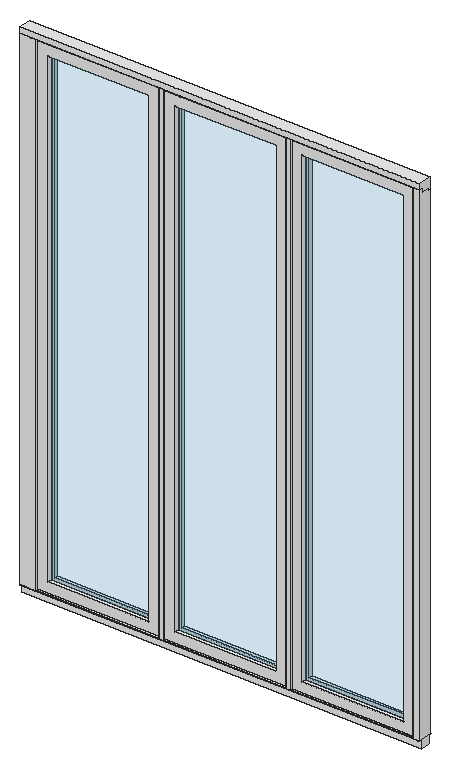
Revit family "Window-NanaWall-SL-73", category Windows, host Wall, Revit 2013 (continued)
Definition of nested family "Left-Jamb_SL-73"
  Definition of nested family "LeftJamb_SL73"
    Lines and regions (in)
      model lines, style "DetailComponents", in view "Ref. Level"
        curve 768: line (-0.83654, 0.75539, 0) -> (-0.7874, 0.74222, 0)
        curve 769: line (-0.7874, 0.74222, 0) -> (-0.7874, 0.59517, 0)
        curve 770: line (-0.27559, 1.17692, 0) -> (-0.7874, 1.17692, 0)
        curve 771: line (-0.7874, 1.17692, 0) -> (-0.7874, 1.03912, 0)
        curve 772: line (-0.7874, 1.03912, 0) -> (-0.82677, 1.03912, 0)
        curve 773: line (-0.82677, 1.03912, 0) -> (-0.84646, 1.17692, 0)
        curve 774: line (-0.84646, 1.17692, 0) -> (-0.98031, 1.17692, 0)
        curve 775: line (-0.98031, 1.17692, 0) -> (-0.98031, 0.67692, 0)
        curve 776: line (-0.98031, 0.67692, 0) -> (-0.84646, 0.67692, 0)
        curve 777: line (-0.84646, 0.67692, 0) -> (-0.84646, 0.74778, 0)
        curve 778: line (-0.09072, 0.96038, 0) -> (-0.40551, 0.96038, 0)
        curve 779: line (-0.46457, 0.90133, 0) -> (-0.46457, 0.82259, 0)
        curve 780: line (-0.41732, 0.81471, 0) -> (-0.37795, 0.81471, 0)
        curve 781: line (-0.37795, 0.81471, 0) -> (-0.37795, 0.77534, 0)
        curve 782: line (-0.37795, 0.77534, 0) -> (-0.41732, 0.77534, 0)
        curve 783: line (-0.41732, 0.77534, 0) -> (-0.37795, 0.77534, 0)
        curve 784: line (-0.37795, 0.77534, 0) -> (-0.37795, 0.81471, 0)
        curve 785: line (-0.37795, 0.81471, 0) -> (-0.41732, 0.81471, 0)
        curve 786: line (-0.41732, 0.81471, 0) -> (-0.41732, 0.89345, 0)
        curve 787: line (-0.41732, 0.89345, 0) -> (-0.05906, 0.89345, 0)
        curve 788: line (-0.05906, 0.89345, 0) -> (-0.05906, 0.81471, 0)
        curve 789: line (-0.05906, 0.81471, 0) -> (-0.09843, 0.81471, 0)
        curve 790: line (-0.09843, 0.81471, 0) -> (-0.09843, 0.77534, 0)
        curve 791: line (-0.09843, 0.77534, 0) -> (0, 0.77534, 0)
        curve 792: line (0, 0.77534, 0) -> (0, 0.97219, 0)
        curve 793: line (-0.27559, 1.24778, 0) -> (-1.7126, 1.24778, 0)
        curve 794: line (-1.66346, 1.0512, 0) -> (-1.7126, 1.06437, 0)
        curve 795: line (-1.65354, 0.74778, 0) -> (-1.65354, 0.67692, 0)
        curve 796: line (-1.65354, 0.67692, 0) -> (-1.51969, 0.67692, 0)
        curve 797: line (-1.51969, 0.67692, 0) -> (-1.51969, 1.17692, 0)
        curve 798: line (-1.51969, 1.17692, 0) -> (-1.65354, 1.17692, 0)
        curve 799: line (-1.65354, 1.17692, 0) -> (-1.65354, 1.05881, 0)
        curve 800: line (-1.7126, 0.59517, 0) -> (-1.7126, 0.74222, 0)
        curve 801: line (-1.7126, 0.74222, 0) -> (-1.66346, 0.75539, 0)
        curve 802: line (-1.71158, 0.57859, 0) -> (-1.72014, 0.48075, 0)
        curve 803: line (-1.72014, 0.48075, 0) -> (-1.71013, 0.46677, 0)
        curve 804: line (-1.67517, 0.42101, 0) -> (-1.6673, 0.42101, 0)
        curve 805: line (-1.6673, 0.42101, 0) -> (-1.6673, 0.47771, 0)
        curve 806: line (-1.65855, 0.48911, 0) -> (-1.60345, 0.50388, 0)
        curve 807: line (-1.60943, 0.5183, 0) -> (-1.62206, 0.54018, 0)
        curve 808: line (-1.48115, 0.59818, 0) -> (-1.46063, 0.59818, 0)
        curve 809: line (-1.46063, 0.59818, 0) -> (-1.46063, 0.56865, 0)
        curve 810: line (-1.46199, 0.56629, 0) -> (-1.49132, 0.5155, 0)
        curve 811: line (-1.49132, 0.49975, 0) -> (-1.44882, 0.49975, 0)
        curve 812: line (-1.38189, 0.56668, 0) -> (-1.38189, 0.59818, 0)
        curve 813: line (-1.38189, 0.59818, 0) -> (-1.11811, 0.59818, 0)
        curve 814: line (-1.11811, 0.59818, 0) -> (-1.11811, 0.56668, 0)
        curve 815: line (-1.45276, 0.67692, 0) -> (-1.04724, 0.67692, 0)
        curve 816: line (-1.04724, 0.67692, 0) -> (-1.04724, 1.17692, 0)
        curve 817: line (-1.04724, 1.17692, 0) -> (-1.45276, 1.17692, 0)
        curve 818: line (-1.45276, 1.17692, 0) -> (-1.45276, 0.67692, 0)
        curve 819: line (-0.83654, -0.50392, 0) -> (-0.7874, -0.49075, 0)
        curve 820: line (-0.7874, -0.49075, 0) -> (-0.7874, -0.3437, 0)
        curve 821: line (-1.7126, -0.3437, 0) -> (-1.7126, -0.38607, 0)
        curve 822: line (-1.60943, -0.26683, 0) -> (-1.62206, -0.2887, 0)
        curve 823: line (-1.65855, -0.23764, 0) -> (-1.60345, -0.2524, 0)
        curve 824: line (-1.67517, -0.16954, 0) -> (-1.6673, -0.16954, 0)
        curve 825: line (-1.6673, -0.16954, 0) -> (-1.6673, -0.22623, 0)
        curve 826: line (-1.71158, -0.32712, 0) -> (-1.71786, -0.22303, 0)
        curve 827: line (-1.71786, -0.22303, 0) -> (-1.71013, -0.21529, 0)
        curve 828: line (-1.67323, -0.42544, 0) -> (-1.51969, -0.42544, 0)
        curve 829: line (-1.51969, -0.42544, 0) -> (-1.51969, -0.68135, 0)
        curve 830: line (-1.51969, -0.68135, 0) -> (-1.7874, -0.68135, 0)
        curve 831: line (-2.00394, -0.70103, 0) -> (-2.00394, -0.72072, 0)
        curve 832: line (-2.00394, -0.72072, 0) -> (-2.04331, -0.72072, 0)
        curve 833: line (-2.04331, -0.72072, 0) -> (-2.04331, -0.8782, 0)
        curve 834: line (-2.04331, -0.8782, 0) -> (-1.76772, -0.8782, 0)
        curve 835: line (-1.76772, -0.8782, 0) -> (-1.76772, -0.72072, 0)
        curve 836: line (-1.76772, -0.72072, 0) -> (-1.80709, -0.72072, 0)
        curve 837: line (-1.80709, -0.72072, 0) -> (-1.80709, -0.70103, 0)
        curve 838: line (-2.02362, -0.68135, 0) -> (-2.07087, -0.68135, 0)
        curve 839: line (-2.11024, -0.72072, 0) -> (-2.11024, -0.8782, 0)
        curve 840: line (-2.11024, -0.8782, 0) -> (-2.25619, -0.8782, 0)
        curve 841: line (-2.25401, -1.01573, 0) -> (-2.30315, -1.00256, 0)
        curve 842: line (-2.30315, -1.00256, 0) -> (-2.29541, -0.91414, 0)
        curve 843: line (-2.24409, -1.31915, 0) -> (-2.24409, -1.43726, 0)
        curve 844: line (-2.24409, -1.43726, 0) -> (-2.11024, -1.43726, 0)
        curve 845: line (-2.11024, -1.43726, 0) -> (-2.11024, -0.93726, 0)
        curve 846: line (-2.11024, -0.93726, 0) -> (-2.24409, -0.93726, 0)
        curve 847: line (-2.24409, -0.93726, 0) -> (-2.24409, -1.00812, 0)
        curve 848: line (-2.30315, -1.32471, 0) -> (-2.25401, -1.31154, 0)
        curve 849: line (-2.30315, -1.50812, 0) -> (-0.7874, -1.50812, 0)
        curve 850: line (-0.7874, -1.50812, 0) -> (-0.7874, -1.36646, 0)
        curve 851: line (-0.7874, -1.36646, 0) -> (-0.84646, -1.35064, 0)
        curve 852: line (-0.84646, -1.35064, 0) -> (-0.84646, -1.42938, 0)
        curve 853: line (-0.84646, -1.42938, 0) -> (-0.98425, -1.42938, 0)
        curve 854: line (-0.98425, -1.42938, 0) -> (-0.98425, -0.8782, 0)
        curve 855: line (-0.98425, -0.8782, 0) -> (-0.84646, -0.8782, 0)
        curve 856: line (-0.84646, -0.8782, 0) -> (-0.84646, -0.95694, 0)
        curve 857: line (-0.84646, -0.95694, 0) -> (-0.7874, -0.94112, 0)
        curve 858: line (-0.7874, -0.94112, 0) -> (-0.7874, -0.75384, 0)
        curve 859: line (-0.7874, -0.75384, 0) -> (-0.83654, -0.74067, 0)
        curve 860: line (-0.84646, -0.49631, 0) -> (-0.84646, -0.42544, 0)
        curve 861: line (-0.84646, -0.42544, 0) -> (-0.98031, -0.42544, 0)
        curve 862: line (-0.98031, -0.42544, 0) -> (-0.98031, -0.81915, 0)
        curve 863: line (-0.98031, -0.81915, 0) -> (-0.84646, -0.81915, 0)
        curve 864: line (-0.84646, -0.81915, 0) -> (-0.84646, -0.74828, 0)
        curve 865: line (-0.78842, -0.32712, 0) -> (-0.77986, -0.22928, 0)
        curve 866: line (-0.77986, -0.22928, 0) -> (-0.78987, -0.21529, 0)
        curve 867: line (-0.82483, -0.16954, 0) -> (-0.8327, -0.16954, 0)
        curve 868: line (-0.8327, -0.16954, 0) -> (-0.8327, -0.22623, 0)
        curve 869: line (-0.84145, -0.23764, 0) -> (-0.89655, -0.2524, 0)
        curve 870: line (-0.89057, -0.26683, 0) -> (-0.87794, -0.2887, 0)
        curve 871: line (-1.01885, -0.3467, 0) -> (-1.03937, -0.3467, 0)
        curve 872: line (-1.03937, -0.3467, 0) -> (-1.03937, -0.31718, 0)
        curve 873: line (-1.03801, -0.31481, 0) -> (-1.00868, -0.26403, 0)
        curve 874: line (-1.00868, -0.24828, 0) -> (-1.05118, -0.24828, 0)
        curve 875: line (-1.11811, -0.31521, 0) -> (-1.11811, -0.3467, 0)
        curve 876: line (-1.11811, -0.3467, 0) -> (-1.38189, -0.3467, 0)
        curve 877: line (-1.38189, -0.3467, 0) -> (-1.38189, -0.31521, 0)
        curve 878: line (-1.49132, -0.24828, 0) -> (-1.44882, -0.24828, 0)
        curve 879: line (-1.64961, -0.3467, 0) -> (-1.61501, -0.3467, 0)
        curve 880: line (-1.61501, -0.3467, 0) -> (-1.48115, -0.3467, 0)
        curve 881: line (-1.48115, -0.3467, 0) -> (-1.46063, -0.3467, 0)
        curve 882: line (-1.46063, -0.3467, 0) -> (-1.46063, -0.31718, 0)
        curve 883: line (-1.46199, -0.31481, 0) -> (-1.49132, -0.26403, 0)
        curve 884: line (-1.76772, -0.94513, 0) -> (-2.04331, -0.94513, 0)
        curve 885: line (-2.04331, -0.94513, 0) -> (-2.04331, -1.43726, 0)
        curve 886: line (-2.04331, -1.43726, 0) -> (-1.51969, -1.43726, 0)
        curve 887: line (-1.51969, -1.43726, 0) -> (-1.51969, -1.39789, 0)
        curve 888: line (-1.51969, -0.74828, 0) -> (-1.70079, -0.74828, 0)
        curve 889: line (-1.70079, -0.74828, 0) -> (-1.70079, -0.8782, 0)
        curve 890: line (-1.48031, -1.35852, 0) -> (-1.45276, -1.35852, 0)
        curve 891: line (-1.45276, -1.35852, 0) -> (-1.45276, -1.43726, 0)
        curve 892: line (-1.45276, -1.43726, 0) -> (-1.04724, -1.43726, 0)
        curve 893: line (-1.04724, -1.43726, 0) -> (-1.04724, -0.42544, 0)
        curve 894: line (-1.04724, -0.42544, 0) -> (-1.45276, -0.42544, 0)
        curve 895: line (-1.45276, -0.42544, 0) -> (-1.45276, -0.68135, 0)
        curve 896: line (0, 0.77534, 0) -> (-0.09843, 0.77534, 0)
        curve 897: line (-0.09843, 0.77534, 0) -> (-0.09843, 0.81471, 0)
        curve 898: line (-0.09843, 0.81471, 0) -> (-0.05906, 0.81471, 0)
        curve 899: line (-0.68898, 0.5786, 0) -> (-0.68898, -0.08281, 0)
        curve 900: line (-0.68898, 0.67112, 0) -> (-0.7874, -0.67112, 0)
        curve 901: line (-0.7874, -0.67112, 0) -> (-0.7874, 0.67112, 0)
        curve 902: line (-0.7874, 0.67112, 0) -> (-0.68898, 0.67112, 0)
        curve 903: line (-0.68898, 0.67112, 0) -> (-0.68898, -0.67112, 0)
        curve 904: line (-0.68898, -0.67112, 0) -> (-0.7874, 0.67112, 0)
        curve 905: line (-0.7874, -0.67112, 0) -> (-0.68898, -0.67112, 0)
        curve 906: line (-0.58525, 0.543, 0) -> (-0.53153, 0.59671, 0)
        curve 907: line (-0.51032, 0.59671, 0) -> (-0.45661, 0.543, 0)
        curve 908: line (-0.43539, 0.543, 0) -> (-0.38168, 0.59671, 0)
        curve 909: line (-0.36047, 0.59671, 0) -> (-0.30676, 0.543, 0)
        curve 910: line (-0.28554, 0.543, 0) -> (-0.23183, 0.59671, 0)
        curve 911: line (-0.21062, 0.59671, 0) -> (-0.1569, 0.543, 0)
        curve 912: line (-0.13569, 0.543, 0) -> (-0.08198, 0.59671, 0)
        curve 913: line (-0.06076, 0.59671, 0) -> (-0.00705, 0.543, 0)
        curve 914: line (0.01416, 0.543, 0) -> (0.06788, 0.59671, 0)
        curve 915: line (0.08909, 0.59671, 0) -> (0.1578, 0.528, 0)
        curve 916: line (0.18281, 0.54281, 0) -> (0.09369, 0.85361, 0)
        curve 917: line (0.06485, 0.87534, 0) -> (0.005, 0.87534, 0)
        curve 918: line (0.005, 0.87534, 0) -> (0.005, 0.77534, 0)
        curve 919: line (0.005, 0.77534, 0) -> (-0.10843, 0.77534, 0)
        curve 920: line (-0.10843, 0.77534, 0) -> (-0.10843, 0.82471, 0)
        curve 921: line (-0.10843, 0.82471, 0) -> (-0.08343, 0.82471, 0)
        curve 922: line (-0.07524, 0.84044, 0) -> (-0.10885, 0.88845, 0)
        curve 923: line (-0.10885, 0.88845, 0) -> (-0.15346, 0.88845, 0)
        curve 924: line (-0.15346, 0.88845, 0) -> (-0.18183, 0.78257, 0)
        curve 925: line (-0.21081, 0.76034, 0) -> (-0.26557, 0.76034, 0)
        curve 926: line (-0.29455, 0.78257, 0) -> (-0.32292, 0.88845, 0)
        curve 927: line (-0.32292, 0.88845, 0) -> (-0.36753, 0.88845, 0)
        curve 928: line (-0.36753, 0.88845, 0) -> (-0.40115, 0.84044, 0)
        curve 929: line (-0.39295, 0.82471, 0) -> (-0.36795, 0.82471, 0)
        curve 930: line (-0.36795, 0.82471, 0) -> (-0.36795, 0.77534, 0)
        curve 931: line (-0.36795, 0.77534, 0) -> (-0.48457, 0.77534, 0)
        curve 932: line (-0.48457, 0.77534, 0) -> (-0.48457, 0.86534, 0)
        curve 933: line (-0.48457, 0.86534, 0) -> (-0.66457, 0.86534, 0)
        curve 934: line (-0.66457, 0.86534, 0) -> (-0.66457, 0.6011, 0)
        curve 935: line (-0.66457, 0.6011, 0) -> (-0.60646, 0.543, 0)
        curve 936: line (-0.16535, -0.72935, 0) -> (-0.14424, -0.60962, 0)
        curve 937: line (-0.08995, -0.61919, 0) -> (-0.11107, -0.73892, 0)
        curve 938: line (0.10384, -0.62843, 0) -> (0.05425, -0.90968, 0)
        curve 939: line (0.05425, -0.90968, 0) -> (-0.0003, -0.94118, 0)
        curve 940: line (-0.0003, -0.94118, 0) -> (-0.0003, -0.86244, 0)
        curve 941: line (-0.0003, -0.86244, 0) -> (-0.09873, -0.86244, 0)
        curve 942: line (-0.09873, -0.86244, 0) -> (-0.09873, -0.89393, 0)
        curve 943: line (-0.09873, -0.89393, 0) -> (-0.56781, -0.64619, 0)
        curve 944: line (-0.53839, -0.59049, 0) -> (-0.2225, -0.75732, 0)
        curve 945: line (-0.07904, -0.86491, 0) -> (-0.03967, -0.86491, 0)
        curve 946: line (-0.03967, -0.86491, 0) -> (-0.07904, -0.86491, 0)
        curve 947: line (-0.30345, -0.86491, 0) -> (-0.27589, -0.86491, 0)
        curve 948: line (-0.27589, -0.86491, 0) -> (-0.30345, -0.86491, 0)
        curve 949: line (-0.29558, -0.98302, 0) -> (-0.05936, -0.98302, 0)
        curve 950: line (-0.05936, -0.98302, 0) -> (-0.05936, -0.90428, 0)
        curve 951: line (-0.05936, -0.90428, 0) -> (-0.09872, -0.90428, 0)
        curve 952: line (-0.09872, -0.90428, 0) -> (-0.09872, -0.88459, 0)
        curve 953: line (-0.09872, -0.88459, 0) -> (-0.09872, -0.90428, 0)
        curve 954: line (-0.09872, -0.90428, 0) -> (-0.05936, -0.90428, 0)
        curve 955: line (-0.05936, -0.90428, 0) -> (-0.05936, -0.98302, 0)
        curve 956: line (-0.05936, -0.98302, 0) -> (-0.29558, -0.98302, 0)
        curve 957: line (-0.29558, -0.98302, 0) -> (-0.29558, -0.90428, 0)
        curve 958: line (-0.29558, -0.90428, 0) -> (-0.25621, -0.90428, 0)
        curve 959: line (-0.25621, -0.90428, 0) -> (-0.25621, -0.88459, 0)
        curve 960: line (-0.25621, -0.88459, 0) -> (-0.25621, -0.90428, 0)
        curve 961: line (-0.25621, -0.90428, 0) -> (-0.29558, -0.90428, 0)
        curve 962: line (-0.29558, -0.90428, 0) -> (-0.29558, -0.98302, 0)
        curve 963: line (-0.81875, -1.2013, 0) -> (-0.7874, -1.2013, 0)
        curve 964: line (-0.7874, -1.2013, 0) -> (-0.81875, -1.2013, 0)
        curve 965: line (-0.7874, -1.27217, 0) -> (-0.79921, -1.27217, 0)
        curve 966: line (-0.79921, -1.27217, 0) -> (-0.7874, -1.27217, 0)
        curve 967: line (-0.83858, -1.31154, 0) -> (-0.85466, -1.31154, 0)
        curve 968: line (-0.85466, -1.31154, 0) -> (-0.83858, -1.31154, 0)
        curve 969: line (-0.06723, -1.42938, 0) -> (-0.67717, -1.42938, 0)
        curve 970: line (-0.67717, -1.42938, 0) -> (-0.06723, -1.42938, 0)
        curve 971: line (-0.06723, -1.42938, 0) -> (-0.06723, -1.02239, 0)
        curve 972: line (-0.06723, -1.02239, 0) -> (-0.30345, -1.02239, 0)
        curve 973: line (-0.30345, -1.02239, 0) -> (-0.06723, -1.02239, 0)
        curve 974: line (-0.06723, -1.02239, 0) -> (-0.06723, -1.42938, 0)
        curve 975: line (-0.93441, -0.88461, 0) -> (-0.89566, -0.87754, 0)
        curve 976: line (-0.89566, -0.87754, 0) -> (-0.93441, -0.88461, 0)
        curve 977: line (-0.88717, -0.92401, 0) -> (-0.91043, -0.92826, 0)
        curve 978: line (-0.91043, -0.92826, 0) -> (-0.83811, -1.18516, 0)
        curve 979: line (-0.83811, -1.18516, 0) -> (-0.91043, -0.92826, 0)
        curve 980: line (-0.91043, -0.92826, 0) -> (-0.88717, -0.92401, 0)
        curve 981: line (-0.0003, -0.90428, 0) -> (-0.0003, -1.50812, 0)
        curve 982: line (-0.0003, -1.50812, 0) -> (-0.7874, -1.50812, 0)
        curve 983: line (-0.7874, -1.50812, 0) -> (-0.7874, -1.47269, 0)
        curve 984: line (-0.7874, -1.47269, 0) -> (-0.7874, -1.50812, 0)
        curve 985: line (-0.7874, -1.50812, 0) -> (-0.0003, -1.50812, 0)
        curve 986: line (-0.0003, -1.50812, 0) -> (-0.0003, -0.90428, 0)
        curve 987: line (-0.76772, -1.453, 0) -> (-0.76772, -1.29186, 0)
        curve 988: line (-0.76772, -1.29186, 0) -> (-0.76772, -1.453, 0)
        curve 989: line (-0.69685, -1.29186, 0) -> (-0.69685, -1.4097, 0)
        curve 990: line (-0.69685, -1.4097, 0) -> (-0.69685, -1.29186, 0)
        curve 991: line (-0.34282, -0.98302, 0) -> (-0.34282, -0.90428, 0)
        curve 992: line (-0.34282, -0.90428, 0) -> (-0.34282, -0.98302, 0)
        curve 993: line (-0.87399, -1.29541, 0) -> (-0.95476, -0.99232, 0)
        curve 994: line (-0.95476, -0.99232, 0) -> (-0.87399, -1.29541, 0)
        curve 995: arc (-0.93441, -0.88461, 0) -> (-0.95974, -0.90098, 0) -> (-0.96606, -0.93047, 0) r 0.03937
        curve 996: arc (-0.96606, -0.93047, 0) -> (-0.96718, -0.93616, 0) -> (-0.9719, -0.93953, 0) r 0.00787
        curve 997: arc (-2.5189, -0.43332, 0) -> (-2.49929, -0.38599, 0) -> (-2.45197, -0.36639, 0) r 0.06693
        curve 998: arc (-2.52677, 0.55881, 0) -> (-2.50371, 0.61449, 0) -> (-2.44803, 0.63755, 0) r 0.07874
        curve 999: arc (-2.48031, 0.4407, 0) -> (-2.47455, 0.45462, 0) -> (-2.46063, 0.46038, 0) r 0.01969
        curve 1000: arc (-2.00787, 1.06437, 0) -> (-2.01378, 1.15608, 0) -> (-2.00787, 1.24778, 0) r 0.71502
        curve 1001: arc (-2.26772, 1.0479, 0) -> (-2.27624, 1.03169, 0) -> (-2.29443, 1.02952, 0) r 0.01969
        curve 1002: arc (-2.05702, 1.0512, 0) -> (-2.06385, 1.05256, 0) -> (-2.06693, 1.05881, 0) r 0.00787
        curve 1003: arc (-2.42126, 0.99367, 0) -> (-2.41404, 1.0164, 0) -> (-2.39501, 1.03079, 0) r 0.03937
        curve 1004: arc (-2.39501, 1.03079, 0) -> (-2.34461, 1.03911, 0) -> (-2.29443, 1.02952, 0) r 0.14567
        curve 1005: arc (-2.01561, 0.6538, 0) -> (-2.02823, 0.62821, 0) -> (-2.05483, 0.61786, 0) r 0.03937
        curve 1006: arc (-2.28015, 0.93215, 0) -> (-2.26969, 0.89345, 0) -> (-2.28015, 0.85476, 0) r 0.07677
        curve 1007: arc (-2.29443, 0.75739, 0) -> (-2.27624, 0.75522, 0) -> (-2.26772, 0.739, 0) r 0.01969
        curve 1008: arc (-2.06693, 0.74778, 0) -> (-2.06385, 0.75403, 0) -> (-2.05702, 0.75539, 0) r 0.00787
        curve 1009: arc (-2.30776, 0.82715, 0) -> (-2.34646, 0.81668, 0) -> (-2.38515, 0.82715, 0) r 0.07677
        curve 1010: arc (-2.41058, 0.85622, 0) -> (-2.38593, 0.85213, 0) -> (-2.38515, 0.82715, 0) r 0.01969
        curve 1011: arc (-2.38515, 0.95976, 0) -> (-2.34646, 0.97023, 0) -> (-2.30776, 0.95976, 0) r 0.07677
        curve 1012: arc (-2.38515, 0.95976, 0) -> (-2.38593, 0.93478, 0) -> (-2.41058, 0.93069, 0) r 0.01969
        curve 1013: arc (-2.39501, 0.75612, 0) -> (-2.41404, 0.7705, 0) -> (-2.42126, 0.79323, 0) r 0.03937
        curve 1014: arc (-2.30776, 0.82715, 0) -> (-2.30609, 0.85309, 0) -> (-2.28015, 0.85476, 0) r 0.01969
        curve 1015: arc (-2.28015, 0.93215, 0) -> (-2.30609, 0.93382, 0) -> (-2.30776, 0.95976, 0) r 0.01969
        curve 1016: arc (-2.29443, 0.75739, 0) -> (-2.34461, 0.7478, 0) -> (-2.39501, 0.75612, 0) r 0.14567
        curve 1017: arc (-2.27283, 0.55881, 0) -> (-2.26727, 0.5565, 0) -> (-2.26496, 0.55093, 0) r 0.00787
        curve 1018: arc (-2.19192, 0.50251, 0) -> (-2.20704, 0.53178, 0) -> (-2.18819, 0.55881, 0) r 0.03189
        curve 1019: arc (-2.25118, 0.55881, 0) -> (-2.25482, 0.54362, 0) -> (-2.26496, 0.53175, 0) r 0.03346
        curve 1020: arc (-2.43228, 0.55093, 0) -> (-2.42998, 0.5565, 0) -> (-2.42441, 0.55881, 0) r 0.00787
        curve 1021: arc (-2.40947, 0.47613, 0) -> (-2.4016, 0.46826, 0) -> (-2.40947, 0.46038, 0) r 0.00787
        curve 1022: arc (-2.27874, 0.32786, 0) -> (-2.26433, 0.31345, 0) -> (-2.25906, 0.29377, 0) r 0.03937
        curve 1023: arc (-2.19803, 0.36764, 0) -> (-2.19083, 0.36043, 0) -> (-2.18819, 0.35059, 0) r 0.01969
        curve 1024: arc (-2.18676, 0.44352, 0) -> (-2.18955, 0.4368, 0) -> (-2.19664, 0.43522, 0) r 0.00787
        curve 1025: arc (-2.36831, 0.37957, 0) -> (-2.38272, 0.39398, 0) -> (-2.38799, 0.41367, 0) r 0.03937
        curve 1026: arc (-2.29941, 0.42617, 0) -> (-2.30661, 0.43338, 0) -> (-2.30925, 0.44322, 0) r 0.01969
        curve 1027: arc (-2.48031, 0.41708, 0) -> (-2.48377, 0.40872, 0) -> (-2.49213, 0.40526, 0) r 0.01181
        curve 1028: arc (-2.00787, -0.52387, 0) -> (-2.01364, -0.53779, 0) -> (-2.02756, -0.54355, 0) r 0.01969
        curve 1029: arc (-2.02756, -0.4845, 0) -> (-2.01364, -0.49026, 0) -> (-2.00787, -0.50418, 0) r 0.01969
        curve 1030: arc (-2.40947, -0.36639, 0) -> (-2.4016, -0.37426, 0) -> (-2.40947, -0.38214, 0) r 0.00787
        curve 1031: arc (-2.30239, -0.37085, 0) -> (-2.29919, -0.36742, 0) -> (-2.29461, -0.36642, 0) r 0.00787
        curve 1032: arc (-2.25906, -0.19977, 0) -> (-2.26433, -0.21946, 0) -> (-2.27874, -0.23387, 0) r 0.03937
        curve 1033: arc (-2.18819, -0.2566, 0) -> (-2.19083, -0.26644, 0) -> (-2.19803, -0.27365, 0) r 0.01969
        curve 1034: arc (-2.38799, -0.31968, 0) -> (-2.38272, -0.29999, 0) -> (-2.36831, -0.28558, 0) r 0.03937
        curve 1035: arc (-2.30925, -0.34922, 0) -> (-2.30661, -0.33938, 0) -> (-2.29941, -0.33218, 0) r 0.01969
        curve 1036: arc (-2.26496, -0.45694, 0) -> (-2.26727, -0.46251, 0) -> (-2.27283, -0.46481, 0) r 0.00787
        curve 1037: arc (-2.26397, -0.42009, 0) -> (-2.27049, -0.41508, 0) -> (-2.2755, -0.40856, 0) r 0.0315
        curve 1038: arc (-2.26397, -0.42009, 0) -> (-2.24853, -0.43987, 0) -> (-2.25118, -0.46481, 0) r 0.03346
        curve 1039: arc (-2.18819, -0.46481, 0) -> (-2.1997, -0.45566, 0) -> (-2.19336, -0.44238, 0) r 0.01181
        curve 1040: arc (-2.19538, -0.3751, 0) -> (-2.19003, -0.37788, 0) -> (-2.18822, -0.38363, 0) r 0.00787
        curve 1041: arc (-2.42441, -0.46481, 0) -> (-2.42998, -0.46251, 0) -> (-2.43228, -0.45694, 0) r 0.00787
        curve 1042: arc (-3.72047, 0.46038, 0) -> (-3.70655, 0.45462, 0) -> (-3.70079, 0.4407, 0) r 0.01969
        curve 1043: arc (-3.40252, 0.40526, 0) -> (-3.09055, 0.55881, 0) -> (-2.77858, 0.40526, 0) r 0.3937
        curve 1044: arc (-3.43913, 0.484, 0) -> (-3.09055, 0.63755, 0) -> (-2.74198, 0.484, 0) r 0.47244
        curve 1045: arc (-3.88667, 1.02952, 0) -> (-3.83649, 1.03911, 0) -> (-3.78609, 1.03079, 0) r 0.14567
        curve 1046: arc (-3.88667, 1.02952, 0) -> (-3.90486, 1.03169, 0) -> (-3.91339, 1.0479, 0) r 0.01969
        curve 1047: arc (-3.78609, 1.03079, 0) -> (-3.76707, 1.0164, 0) -> (-3.75984, 0.99367, 0) r 0.03937
        curve 1048: arc (-4.17323, 1.24778, 0) -> (-4.16732, 1.15608, 0) -> (-4.17323, 1.06437, 0) r 0.71502
        curve 1049: arc (-4.11417, 1.05881, 0) -> (-4.11725, 1.05256, 0) -> (-4.12409, 1.0512, 0) r 0.00787
        curve 1050: arc (-3.99291, 0.55881, 0) -> (-3.97406, 0.53179, 0) -> (-3.98917, 0.50251, 0) r 0.03189
        curve 1051: arc (-3.79595, 0.82715, 0) -> (-3.83465, 0.81668, 0) -> (-3.87334, 0.82715, 0) r 0.07677
        curve 1052: arc (-3.77052, 0.93069, 0) -> (-3.79518, 0.93478, 0) -> (-3.79595, 0.95976, 0) r 0.01969
        curve 1053: arc (-3.87334, 0.95976, 0) -> (-3.83465, 0.97023, 0) -> (-3.79595, 0.95976, 0) r 0.07677
        curve 1054: arc (-3.87334, 0.95976, 0) -> (-3.87501, 0.93382, 0) -> (-3.90095, 0.93215, 0) r 0.01969
        curve 1055: arc (-3.90095, 0.85476, 0) -> (-3.91142, 0.89345, 0) -> (-3.90095, 0.93215, 0) r 0.07677
        curve 1056: arc (-3.90095, 0.85476, 0) -> (-3.87501, 0.85309, 0) -> (-3.87334, 0.82715, 0) r 0.01969
        curve 1057: arc (-3.79595, 0.82715, 0) -> (-3.79518, 0.85213, 0) -> (-3.77052, 0.85622, 0) r 0.01969
        curve 1058: arc (-3.78609, 0.75612, 0) -> (-3.83649, 0.7478, 0) -> (-3.88667, 0.75739, 0) r 0.14567
        curve 1059: arc (-3.91339, 0.739, 0) -> (-3.90486, 0.75522, 0) -> (-3.88667, 0.75739, 0) r 0.01969
        curve 1060: arc (-3.75984, 0.79323, 0) -> (-3.76707, 0.7705, 0) -> (-3.78609, 0.75612, 0) r 0.03937
        curve 1061: arc (-3.75669, 0.55881, 0) -> (-3.75113, 0.5565, 0) -> (-3.74882, 0.55093, 0) r 0.00787
        curve 1062: arc (-3.73307, 0.63755, 0) -> (-3.67739, 0.61449, 0) -> (-3.65433, 0.55881, 0) r 0.07874
        curve 1063: arc (-3.91614, 0.55093, 0) -> (-3.91384, 0.5565, 0) -> (-3.90827, 0.55881, 0) r 0.00787
        curve 1064: arc (-3.77163, 0.46038, 0) -> (-3.7795, 0.46826, 0) -> (-3.77163, 0.47613, 0) r 0.00787
        curve 1065: arc (-3.91614, 0.53175, 0) -> (-3.92628, 0.54362, 0) -> (-3.92992, 0.55881, 0) r 0.03346
        curve 1066: arc (-4.12409, 0.75539, 0) -> (-4.11725, 0.75403, 0) -> (-4.11417, 0.74778, 0) r 0.00787
        curve 1067: arc (-4.12627, 0.61786, 0) -> (-4.15287, 0.62821, 0) -> (-4.16549, 0.6538, 0) r 0.03937
        curve 1068: arc (-3.68898, 0.40526, 0) -> (-3.69733, 0.40872, 0) -> (-3.70079, 0.41708, 0) r 0.01181
        curve 1069: arc (-3.79311, 0.41367, 0) -> (-3.79838, 0.39398, 0) -> (-3.8128, 0.37957, 0) r 0.03937
        curve 1070: arc (-3.87185, 0.44322, 0) -> (-3.87449, 0.43338, 0) -> (-3.88169, 0.42617, 0) r 0.01969
        curve 1071: arc (-3.92205, 0.29377, 0) -> (-3.91677, 0.31345, 0) -> (-3.90236, 0.32786, 0) r 0.03937
        curve 1072: arc (-3.99291, 0.35059, 0) -> (-3.99028, 0.36043, 0) -> (-3.98307, 0.36764, 0) r 0.01969
        curve 1073: arc (-3.98445, 0.43523, 0) -> (-3.99155, 0.4368, 0) -> (-3.99433, 0.44352, 0) r 0.00787
        curve 1074: arc (-3.72913, -0.36639, 0) -> (-3.68181, -0.38599, 0) -> (-3.6622, -0.43332, 0) r 0.06693
        curve 1075: arc (-3.77163, -0.38214, 0) -> (-3.7795, -0.37426, 0) -> (-3.77163, -0.36639, 0) r 0.00787
        curve 1076: arc (-3.88649, -0.36642, 0) -> (-3.88191, -0.36742, 0) -> (-3.87871, -0.37085, 0) r 0.00787
        curve 1077: arc (-3.8128, -0.28558, 0) -> (-3.79838, -0.29999, 0) -> (-3.79311, -0.31968, 0) r 0.03937
        curve 1078: arc (-3.90236, -0.23387, 0) -> (-3.91677, -0.21946, 0) -> (-3.92205, -0.19977, 0) r 0.03937
        curve 1079: arc (-3.88169, -0.33218, 0) -> (-3.87449, -0.33938, 0) -> (-3.87185, -0.34922, 0) r 0.01969
        curve 1080: arc (-3.74882, -0.45694, 0) -> (-3.75113, -0.46251, 0) -> (-3.75669, -0.46481, 0) r 0.00787
        curve 1081: arc (-3.92992, -0.46481, 0) -> (-3.93257, -0.43987, 0) -> (-3.91713, -0.42009, 0) r 0.03346
        curve 1082: arc (-3.90827, -0.46481, 0) -> (-3.91384, -0.46251, 0) -> (-3.91614, -0.45694, 0) r 0.00787
        curve 1083: arc (-3.90561, -0.40856, 0) -> (-3.91061, -0.41508, 0) -> (-3.91713, -0.42009, 0) r 0.0315
        curve 1084: arc (-3.98307, -0.27365, 0) -> (-3.99028, -0.26644, 0) -> (-3.99291, -0.2566, 0) r 0.01969
        curve 1085: arc (-3.99288, -0.38363, 0) -> (-3.99107, -0.37788, 0) -> (-3.98573, -0.3751, 0) r 0.00787
        curve 1086: arc (-3.98774, -0.44238, 0) -> (-3.9814, -0.45566, 0) -> (-3.99291, -0.46481, 0) r 0.01181
        curve 1087: arc (-4.48425, -0.68135, 0) -> (-4.47033, -0.68712, 0) -> (-4.46457, -0.70103, 0) r 0.01969
        curve 1088: arc (-2.85827, -0.92938, 0) -> (-2.84097, -0.88762, 0) -> (-2.79921, -0.87033, 0) r 0.05906
        curve 1089: arc (-2.84724, -0.67741, 0) -> (-2.86223, -0.7136, 0) -> (-2.89843, -0.72859, 0) r 0.05118
        curve 1090: arc (-2.64757, -1.01573, 0) -> (-2.6544, -1.01437, 0) -> (-2.65748, -1.00812, 0) r 0.00787
        curve 1091: arc (-2.59843, -1.50812, 0) -> (-2.60433, -1.41641, 0) -> (-2.59843, -1.32471, 0) r 0.71502
        curve 1092: arc (-2.65748, -1.31915, 0) -> (-2.6544, -1.3129, 0) -> (-2.64757, -1.31154, 0) r 0.00787
        curve 1093: arc (-3.92598, -0.68135, 0) -> (-3.94559, -0.72868, 0) -> (-3.99291, -0.74828, 0) r 0.06693
        curve 1094: arc (-3.74882, -0.72859, 0) -> (-3.78501, -0.7136, 0) -> (-3.8, -0.67741, 0) r 0.05118
        curve 1095: arc (-4.16142, -0.8782, 0) -> (-4.18102, -0.92553, 0) -> (-4.22835, -0.94513, 0) r 0.06693
        curve 1096: arc (-4.26772, -0.70103, 0) -> (-4.26195, -0.68712, 0) -> (-4.24803, -0.68135, 0) r 0.01969
        curve 1097: arc (-4.75604, -0.91414, 0) -> (-4.74342, -0.88854, 0) -> (-4.71682, -0.8782, 0) r 0.03937
        curve 1098: arc (-4.57087, -0.72072, 0) -> (-4.55933, -0.69288, 0) -> (-4.5315, -0.68135, 0) r 0.03937
        curve 1099: arc (-4.70472, -1.00812, 0) -> (-4.70781, -1.01437, 0) -> (-4.71464, -1.01573, 0) r 0.00787
        curve 1100: arc (-4.76378, -1.32471, 0) -> (-4.75787, -1.41641, 0) -> (-4.76378, -1.50812, 0) r 0.71502
        curve 1101: arc (-4.71464, -1.31154, 0) -> (-4.70781, -1.3129, 0) -> (-4.70472, -1.31915, 0) r 0.00787
        curve 1102: line (-3.99291, -0.46481, 0) -> (-3.99291, -0.68135, 0)
        curve 1103: line (-3.99291, -0.68135, 0) -> (-4.24803, -0.68135, 0)
        curve 1104: line (-3.8, -0.67741, 0) -> (-3.8, -0.54355, 0)
        curve 1105: line (-3.8, -0.54355, 0) -> (-3.92598, -0.54355, 0)
        curve 1106: line (-3.92598, -0.54355, 0) -> (-3.92598, -0.68135, 0)
        curve 1107: line (-2.64757, -1.01573, 0) -> (-2.59843, -1.00256, 0)
        curve 1108: line (-2.59843, -1.00256, 0) -> (-2.59843, -0.54355, 0)
        curve 1109: line (-2.59843, -0.54355, 0) -> (-2.02756, -0.54355, 0)
        curve 1110: line (-2.79921, -0.87033, 0) -> (-2.66535, -0.87033, 0)
        curve 1111: line (-2.66535, -0.87033, 0) -> (-2.66535, -0.54355, 0)
        curve 1112: line (-2.66535, -0.54355, 0) -> (-2.84724, -0.54355, 0)
        curve 1113: line (-2.84724, -0.54355, 0) -> (-2.84724, -0.67741, 0)
        curve 1114: line (-2.77858, 0.40526, 0) -> (-2.49213, 0.40526, 0)
        curve 1115: line (-2.00787, 1.24778, 0) -> (-4.17323, 1.24778, 0)
        curve 1116: line (-3.91339, 1.0479, 0) -> (-3.91339, 1.17692, 0)
        curve 1117: line (-3.91339, 1.17692, 0) -> (-2.26772, 1.17692, 0)
        curve 1118: line (-2.26772, 1.17692, 0) -> (-2.26772, 1.0479, 0)
        curve 1119: line (-2.18676, 0.44352, 0) -> (-2.19192, 0.50251, 0)
        curve 1120: line (-2.30303, 0.46373, 0) -> (-2.19664, 0.43522, 0)
        curve 1121: line (-2.41058, 0.93069, 0) -> (-2.42126, 0.93685, 0)
        curve 1122: line (-2.42126, 0.93685, 0) -> (-2.42126, 0.99367, 0)
        curve 1123: line (-2.00787, 1.06437, 0) -> (-2.05702, 1.0512, 0)
        curve 1124: line (-2.06693, 1.05881, 0) -> (-2.06693, 1.17692, 0)
        curve 1125: line (-2.06693, 1.17692, 0) -> (-2.20079, 1.17692, 0)
        curve 1126: line (-2.20079, 1.17692, 0) -> (-2.20079, 0.67692, 0)
        curve 1127: line (-2.20079, 0.67692, 0) -> (-2.06693, 0.67692, 0)
        curve 1128: line (-2.06693, 0.67692, 0) -> (-2.06693, 0.74778, 0)
        curve 1129: line (-2.05702, 0.75539, 0) -> (-2.00787, 0.74222, 0)
        curve 1130: line (-2.00787, 0.74222, 0) -> (-2.01561, 0.6538, 0)
        curve 1131: line (-2.44803, 0.63755, 0) -> (-2.26772, 0.63755, 0)
        curve 1132: line (-2.26772, 0.63755, 0) -> (-2.26772, 0.739, 0)
        curve 1133: line (-2.42126, 0.79323, 0) -> (-2.42126, 0.85005, 0)
        curve 1134: line (-2.42126, 0.85005, 0) -> (-2.41058, 0.85622, 0)
        curve 1135: line (-2.18819, 0.55881, 0) -> (-2.18819, 0.61786, 0)
        curve 1136: line (-2.18819, 0.61786, 0) -> (-2.05483, 0.61786, 0)
        curve 1137: line (-2.26496, 0.55093, 0) -> (-2.26496, 0.52967, 0)
        curve 1138: line (-2.26496, 0.52967, 0) -> (-2.30925, 0.45296, 0)
        curve 1139: line (-2.30925, 0.45296, 0) -> (-2.30925, 0.44322, 0)
        curve 1140: line (-2.38799, 0.41367, 0) -> (-2.38799, 0.45296, 0)
        curve 1141: line (-2.38799, 0.45296, 0) -> (-2.43228, 0.52967, 0)
        curve 1142: line (-2.43228, 0.52967, 0) -> (-2.43228, 0.55093, 0)
        curve 1143: line (-2.40947, 0.47613, 0) -> (-2.44016, 0.52928, 0)
        curve 1144: line (-2.44016, 0.52928, 0) -> (-2.44016, 0.55881, 0)
        curve 1145: line (-2.44016, 0.55881, 0) -> (-2.25118, 0.55881, 0)
        curve 1146: line (-2.46063, 0.46038, 0) -> (-2.40947, 0.46038, 0)
        curve 1147: line (-2.42441, 0.55881, 0) -> (-2.27283, 0.55881, 0)
        curve 1148: line (-2.25906, -0.19977, 0) -> (-2.25906, 0.29377, 0)
        curve 1149: line (-2.18819, 0.35059, 0) -> (-2.18819, -0.2566, 0)
        curve 1150: line (-2.48031, 0.41708, 0) -> (-2.48031, 0.4407, 0)
        curve 1151: line (-2.29941, 0.42617, 0) -> (-2.19803, 0.36764, 0)
        curve 1152: line (-2.27874, 0.32786, 0) -> (-2.36831, 0.37957, 0)
        curve 1153: line (-2.00787, -0.52387, 0) -> (-2.00787, -0.50418, 0)
        curve 1154: line (-2.19538, -0.3751, 0) -> (-2.29461, -0.36642, 0)
        curve 1155: line (-2.43228, -0.45694, 0) -> (-2.43228, -0.43568, 0)
        curve 1156: line (-2.43228, -0.43568, 0) -> (-2.38799, -0.35897, 0)
        curve 1157: line (-2.38799, -0.35897, 0) -> (-2.38799, -0.31968, 0)
        curve 1158: line (-2.30925, -0.34922, 0) -> (-2.30925, -0.35897, 0)
        curve 1159: line (-2.30925, -0.35897, 0) -> (-2.26496, -0.43568, 0)
        curve 1160: line (-2.26496, -0.43568, 0) -> (-2.26496, -0.45694, 0)
        curve 1161: line (-2.40947, -0.36639, 0) -> (-2.45197, -0.36639, 0)
        curve 1162: line (-2.19803, -0.27365, 0) -> (-2.29941, -0.33218, 0)
        curve 1163: line (-2.36831, -0.28558, 0) -> (-2.27874, -0.23387, 0)
        curve 1164: line (-2.29136, -0.38108, 0) -> (-2.2755, -0.40856, 0)
        curve 1165: line (-2.02756, -0.4845, 0) -> (-2.18819, -0.4845, 0)
        curve 1166: line (-2.18819, -0.4845, 0) -> (-2.18819, -0.46481, 0)
        curve 1167: line (-2.19336, -0.44238, 0) -> (-2.18822, -0.38363, 0)
        curve 1168: line (-2.25118, -0.46481, 0) -> (-2.44016, -0.46481, 0)
        curve 1169: line (-2.44016, -0.46481, 0) -> (-2.44016, -0.43529, 0)
        curve 1170: line (-2.44016, -0.43529, 0) -> (-2.40947, -0.38214, 0)
        curve 1171: line (-2.27283, -0.46481, 0) -> (-2.42441, -0.46481, 0)
        curve 1172: line (-3.99433, 0.44352, 0) -> (-3.98917, 0.50251, 0)
        curve 1173: line (-3.87807, 0.46373, 0) -> (-3.98445, 0.43523, 0)
        curve 1174: line (-2.74198, 0.484, 0) -> (-2.55669, 0.484, 0)
        curve 1175: line (-2.55669, 0.484, 0) -> (-2.52677, 0.51393, 0)
        curve 1176: line (-2.52677, 0.51393, 0) -> (-2.52677, 0.55881, 0)
        curve 1177: line (-3.77052, 0.93069, 0) -> (-3.75984, 0.93685, 0)
        curve 1178: line (-3.75984, 0.93685, 0) -> (-3.75984, 0.99367, 0)
        curve 1179: line (-4.11417, 1.05881, 0) -> (-4.11417, 1.17692, 0)
        curve 1180: line (-4.11417, 1.17692, 0) -> (-3.98031, 1.17692, 0)
        curve 1181: line (-3.98031, 1.17692, 0) -> (-3.98031, 0.67692, 0)
        curve 1182: line (-3.98031, 0.67692, 0) -> (-4.11417, 0.67692, 0)
        curve 1183: line (-4.11417, 0.67692, 0) -> (-4.11417, 0.74778, 0)
        curve 1184: line (-4.17323, 1.06437, 0) -> (-4.12409, 1.0512, 0)
        curve 1185: line (-3.73307, 0.63755, 0) -> (-3.91339, 0.63755, 0)
        curve 1186: line (-3.91339, 0.63755, 0) -> (-3.91339, 0.739, 0)
        curve 1187: line (-3.75984, 0.79323, 0) -> (-3.75984, 0.85005, 0)
        curve 1188: line (-3.75984, 0.85005, 0) -> (-3.77052, 0.85622, 0)
        curve 1189: line (-3.74882, 0.55093, 0) -> (-3.74882, 0.52967, 0)
        curve 1190: line (-3.74882, 0.52967, 0) -> (-3.79311, 0.45296, 0)
        curve 1191: line (-3.79311, 0.45296, 0) -> (-3.79311, 0.41367, 0)
        curve 1192: line (-3.77163, 0.47613, 0) -> (-3.74094, 0.52928, 0)
        curve 1193: line (-3.74094, 0.52928, 0) -> (-3.74094, 0.55881, 0)
        curve 1194: line (-3.74094, 0.55881, 0) -> (-3.92992, 0.55881, 0)
        curve 1195: line (-3.43913, 0.484, 0) -> (-3.62441, 0.484, 0)
        curve 1196: line (-3.62441, 0.484, 0) -> (-3.65433, 0.51393, 0)
        curve 1197: line (-3.65433, 0.51393, 0) -> (-3.65433, 0.55881, 0)
        curve 1198: line (-3.87185, 0.44322, 0) -> (-3.87185, 0.45296, 0)
        curve 1199: line (-3.87185, 0.45296, 0) -> (-3.91614, 0.52967, 0)
        curve 1200: line (-3.91614, 0.52967, 0) -> (-3.91614, 0.55093, 0)
        curve 1201: line (-3.90827, 0.55881, 0) -> (-3.75669, 0.55881, 0)
        curve 1202: line (-3.72047, 0.46038, 0) -> (-3.77163, 0.46038, 0)
        curve 1203: line (-4.12409, 0.75539, 0) -> (-4.17323, 0.74222, 0)
        curve 1204: line (-4.17323, 0.74222, 0) -> (-4.16549, 0.6538, 0)
        curve 1205: line (-3.99291, 0.55881, 0) -> (-3.99291, 0.61786, 0)
        curve 1206: line (-3.99291, 0.61786, 0) -> (-4.12627, 0.61786, 0)
        curve 1207: line (-3.40252, 0.40526, 0) -> (-3.68898, 0.40526, 0)
        curve 1208: line (-2.5189, -0.43332, 0) -> (-2.5189, -0.46481, 0)
        curve 1209: line (-2.5189, -0.46481, 0) -> (-3.6622, -0.46481, 0)
        curve 1210: line (-3.6622, -0.46481, 0) -> (-3.6622, -0.43332, 0)
        curve 1211: line (-3.99291, -0.2566, 0) -> (-3.99291, 0.35059, 0)
        curve 1212: line (-3.92205, 0.29377, 0) -> (-3.92205, -0.19977, 0)
        curve 1213: line (-3.98307, 0.36764, 0) -> (-3.88169, 0.42617, 0)
        curve 1214: line (-3.70079, 0.41708, 0) -> (-3.70079, 0.4407, 0)
        curve 1215: line (-3.8128, 0.37957, 0) -> (-3.90236, 0.32786, 0)
        curve 1216: line (-3.88169, -0.33218, 0) -> (-3.98307, -0.27365, 0)
        curve 1217: line (-3.98573, -0.3751, 0) -> (-3.88649, -0.36642, 0)
        curve 1218: line (-3.91614, -0.45694, 0) -> (-3.91614, -0.43568, 0)
        curve 1219: line (-3.91614, -0.43568, 0) -> (-3.87185, -0.35897, 0)
        curve 1220: line (-3.87185, -0.35897, 0) -> (-3.87185, -0.34922, 0)
        curve 1221: line (-3.79311, -0.31968, 0) -> (-3.79311, -0.35897, 0)
        curve 1222: line (-3.79311, -0.35897, 0) -> (-3.74882, -0.43568, 0)
        curve 1223: line (-3.74882, -0.43568, 0) -> (-3.74882, -0.45694, 0)
        curve 1224: line (-3.90236, -0.23387, 0) -> (-3.8128, -0.28558, 0)
        curve 1225: line (-3.77163, -0.36639, 0) -> (-3.72913, -0.36639, 0)
        curve 1226: line (-3.92992, -0.46481, 0) -> (-3.74094, -0.46481, 0)
        curve 1227: line (-3.74094, -0.46481, 0) -> (-3.74094, -0.43529, 0)
        curve 1228: line (-3.74094, -0.43529, 0) -> (-3.77163, -0.38214, 0)
        curve 1229: line (-3.88974, -0.38108, 0) -> (-3.90561, -0.40856, 0)
        curve 1230: line (-3.75669, -0.46481, 0) -> (-3.90827, -0.46481, 0)
        curve 1231: line (-3.98774, -0.44238, 0) -> (-3.99288, -0.38363, 0)
        curve 1232: line (-4.46457, -0.70103, 0) -> (-4.46457, -0.72072, 0)
        curve 1233: line (-4.46457, -0.72072, 0) -> (-4.50394, -0.72072, 0)
        curve 1234: line (-4.50394, -0.72072, 0) -> (-4.50394, -0.8782, 0)
        curve 1235: line (-4.50394, -0.8782, 0) -> (-4.22835, -0.8782, 0)
        curve 1236: line (-4.22835, -0.8782, 0) -> (-4.22835, -0.72072, 0)
        curve 1237: line (-4.22835, -0.72072, 0) -> (-4.26772, -0.72072, 0)
        curve 1238: line (-4.22835, -0.94513, 0) -> (-4.50394, -0.94513, 0)
        curve 1239: line (-4.50394, -0.94513, 0) -> (-4.50394, -1.43726, 0)
        curve 1240: line (-4.50394, -1.43726, 0) -> (-2.85827, -1.43726, 0)
        curve 1241: line (-2.85827, -1.43726, 0) -> (-2.85827, -0.92938, 0)
        curve 1242: line (-4.76378, -1.50812, 0) -> (-2.59843, -1.50812, 0)
        curve 1243: line (-2.89843, -0.72859, 0) -> (-2.95748, -0.72859, 0)
        curve 1244: line (-2.95748, -0.72859, 0) -> (-2.95748, -0.67741, 0)
        curve 1245: line (-2.95748, -0.67741, 0) -> (-2.89843, -0.67741, 0)
        curve 1246: line (-2.89843, -0.67741, 0) -> (-2.89843, -0.54355, 0)
        curve 1247: line (-2.89843, -0.54355, 0) -> (-3.74882, -0.54355, 0)
        curve 1248: line (-3.74882, -0.54355, 0) -> (-3.74882, -0.67741, 0)
        curve 1249: line (-3.74882, -0.67741, 0) -> (-3.68976, -0.67741, 0)
        curve 1250: line (-3.68976, -0.67741, 0) -> (-3.68976, -0.72859, 0)
        curve 1251: line (-3.68976, -0.72859, 0) -> (-3.74882, -0.72859, 0)
        curve 1252: line (-2.65748, -1.00812, 0) -> (-2.65748, -0.93726, 0)
        curve 1253: line (-2.65748, -0.93726, 0) -> (-2.79134, -0.93726, 0)
        curve 1254: line (-2.79134, -0.93726, 0) -> (-2.79134, -1.43726, 0)
        curve 1255: line (-2.79134, -1.43726, 0) -> (-2.65748, -1.43726, 0)
        curve 1256: line (-2.65748, -1.43726, 0) -> (-2.65748, -1.31915, 0)
        curve 1257: line (-2.64757, -1.31154, 0) -> (-2.59843, -1.32471, 0)
        curve 1258: line (-3.99291, -0.74828, 0) -> (-4.16142, -0.74828, 0)
        curve 1259: line (-4.16142, -0.74828, 0) -> (-4.16142, -0.8782, 0)
        curve 1260: line (-4.26772, -0.72072, 0) -> (-4.26772, -0.70103, 0)
        curve 1261: line (-4.48425, -0.68135, 0) -> (-4.5315, -0.68135, 0)
        curve 1262: line (-4.57087, -0.72072, 0) -> (-4.57087, -0.8782, 0)
        curve 1263: line (-4.57087, -0.8782, 0) -> (-4.71682, -0.8782, 0)
        curve 1264: line (-4.71464, -1.01573, 0) -> (-4.76378, -1.00256, 0)
        curve 1265: line (-4.76378, -1.00256, 0) -> (-4.75604, -0.91414, 0)
        curve 1266: line (-4.70472, -1.31915, 0) -> (-4.70472, -1.43726, 0)
        curve 1267: line (-4.70472, -1.43726, 0) -> (-4.57087, -1.43726, 0)
        curve 1268: line (-4.57087, -1.43726, 0) -> (-4.57087, -0.93726, 0)
        curve 1269: line (-4.57087, -0.93726, 0) -> (-4.70472, -0.93726, 0)
        curve 1270: line (-4.70472, -0.93726, 0) -> (-4.70472, -1.00812, 0)
        curve 1271: line (-4.76378, -1.32471, 0) -> (-4.71464, -1.31154, 0)
Definition of nested family "Sash_SL-73_NanaWall"
  Parameters (values of type "Sash-1_SL-73_NanaWall")
    system length 1 = 27 51/64"
    Sash = none
    Height = 117 75/256"
    Glass = Glass - NanaWall - Generic
    Filler = none
    Assembly Code = ""
  Types (3): name | system length 1
    Sash-1_SL-73_NanaWall | 27 51/64"
    Sash-1_SL-73_NanaWall 2 | 27 51/64"
    Sash-1_SL-73_NanaWall Full | 88 29/32"
  Reference planes (in)
    plane 1 "Center (Front/Back)": y = -7.70117
    plane 2: z = 0
    plane 3 "Center (Left/Right)": x = 0.01235
    plane 4 "Top": z = 117.29297
    plane 5: x = -12.7845
    plane 6: x = 12.80919
    plane 7: z = 1.39677
    plane 8: z = 115.8962
    plane 9: x = -13.88609
    plane 10: x = 13.91078
    plane 11: y = -6.32322
    plane 12: y = -9.07912
  Forms (in)
    Sweep 1, solid, material <- "Sash"
      path origin (0, -7.70117, 0) x (1, 0, 0) y (0, 0, 1)
        loop
          line (-14.18127, 117.29297) -> (-14.18127, 0) -> (14.20596, 0) -> (14.20596, 117.29297) -> (-14.18127, 117.29297)
      profile origin (-14.18127, -7.70117, 58.64648) x (0, -1, 0) y (1, 0, 0)
        loop
          line (-1.37795, 2.01762) -> (-1.37795, 0.29518) -> (0.55118, 0.29518) -> (0.55118, -0.29537) -> (1.37795, -0.29537) -> (1.37795, 2.01732) -> (0.45668, 2.01732) -> (0.45668, 1.32864) -> (-0.65587, 1.32864) -> (-0.65587, 2.01762) -> (-1.37795, 2.01762)
    Extrusion 2, solid, material "Glass - NanaWall - Generic" <- "Glass"
      sketch origin (0, 0.12626, 0) x (1, 0, 0) y (0, 1, 0)
        loop
          line (-12.7845, -7.17157) -> (-12.7845, -8.28411) -> (12.80919, -8.28411) -> (12.80919, -7.17157) -> (-12.7845, -7.17157)
      from 1.39677 to 115.8962
    Extrusion 3, solid, material <- "Sash"
      sketch origin (0.01235, 0, 0) x (0, 1, 0) y (0, 0, 1)
        loop
          line (-6.32322, 0.29518) -> (-8.25235, 0.29518) -> (-8.25235, -0.29537) -> (-6.32322, -0.29537) -> (-6.32322, 0.29518)
      from -13.89844 to 13.89844
  Cuts and joins
    joined: Sweep 1, Extrusion 3
  Lines and regions (in)
    Masking region 1
      outline origin (0, 0.13017, 0) x (1, 0, 0) y (0, 1, 0)
        loop
          line (-12.7845, -7.17548) -> (-12.7845, -8.28802) -> (12.80919, -8.28802) -> (12.80919, -7.17548) -> (-12.7845, -7.17548)
    Masking region 2, detail levels fine
      outline origin (0, 0, 0) x (1, 0, 0) y (0, 1, 0)
        loop
          line (-12.16395, -9.07912) -> (-12.16395, -8.15785) -> (-12.85263, -8.15785) -> (-12.85263, -7.04531) -> (-12.16365, -7.04531) -> (-12.16365, -6.32322) -> (-13.88609, -6.32322) -> (-13.88609, -8.25235) -> (-14.47664, -8.25235) -> (-14.47664, -9.07912) -> (-12.16395, -9.07912)
        loop
          line (13.91078, -8.25235) -> (13.91078, -6.32322) -> (12.18834, -6.32322) -> (12.18834, -7.04531) -> (12.87732, -7.04531) -> (12.87732, -8.15785) -> (12.18865, -8.15785) -> (12.18865, -9.07912) -> (14.50134, -9.07912) -> (14.50134, -8.25235) -> (13.91078, -8.25235)
    Masking region 3, detail levels coarse+medium
      outline origin (0, 0, 0) x (1, 0, 0) y (0, 1, 0)
        loop
          line (-13.88609, -9.07912) -> (-12.16395, -9.07912) -> (-12.16395, -8.15785) -> (-12.85263, -8.15785) -> (-12.85263, -7.04531) -> (-12.16365, -7.04531) -> (-12.16365, -6.32322) -> (-13.88609, -6.32322) -> (-13.88609, -9.07912)
        loop
          line (13.91078, -9.07912) -> (13.91078, -6.32322) -> (12.18834, -6.32322) -> (12.18834, -7.04531) -> (12.87732, -7.04531) -> (12.87732, -8.15785) -> (12.18865, -8.15785) -> (12.18865, -9.07912) -> (13.91078, -9.07912)
    Masking region 4
      outline origin (0, 0, 0) x (1, 0, 0) y (0, 1, 0)
        loop
          line (12.18834, -6.32322) -> (-12.16365, -6.32322) -> (-12.16365, -7.04531) -> (12.18834, -7.04531) -> (12.18834, -6.32322)
        loop
          line (12.18865, -8.15785) -> (-12.16395, -8.15785) -> (-12.16395, -9.07912) -> (12.18865, -9.07912) -> (12.18865, -8.15785)
    Masking region 5
      outline origin (0, 0, 0) x (1, 0, 0) y (0, 1, 0)
        loop
          line (12.87732, -7.04531) -> (12.80919, -7.04531) -> (12.80919, -8.15785) -> (12.87732, -8.15785) -> (12.87732, -7.04531)
        loop
          line (-12.7845, -7.04531) -> (-12.85263, -7.04531) -> (-12.85263, -8.15785) -> (-12.7845, -8.15785) -> (-12.7845, -7.04531)
  Text (in)
    text "INTERIOR" at (-17.75695, 3.29967, 0), in view "Ref. Level"
    text "EXTERIOR" at (-17.75695, -14.31829, 0), in view "Ref. Level"
  Dimensions and locks (in)
    "Height": plane 4 "Top" to level
    locked: plane 4 "Top" to plane 8 at 1.39677
    locked: plane 7 to level at 1.39677
    "system length 1": plane 9 to plane 10
    equal spacing: plane 9, plane 3 "Center (Left/Right)", plane 10
    locked: Sweep 1 sketch curve to plane 9 at 0.59055
    plane 9 to Sweep 1 sketch curve to Sweep 1 sketch curve to Sweep 1 sketch curve = 1.03346" locked, 0.68868" locked, 0.0003" locked
    locked: plane 6 to plane 10 at 1.10159
    locked: plane 9 to plane 5 at 1.10159
    locked: Extrusion 3 sketch curve to level at 0.29518
    locked: level to Extrusion 3 sketch curve at 0.29537
    aligned and locked: Sweep 1 sketch curve to level
    aligned and locked: Sweep 1 sketch curve to plane 4 "Top"
    aligned and locked: Extrusion 2 sketch curve to plane 6
    aligned and locked: Extrusion 2 sketch curve to plane 5
    aligned and locked: Extrusion 2 to plane 7
    aligned and locked: Extrusion 2 to plane 8
    aligned: Masking region 1 sketch curve to Extrusion 2  (x2)
    aligned and locked: Masking region 1 sketch curve to plane 5
    aligned and locked: Masking region 1 sketch curve to plane 6
    aligned and locked: plane 9 to Sweep 1 sketch curve
    aligned and locked: Masking region 2 sketch curve to Sweep 1  (x14)
    aligned and locked: Sweep 1 to Masking region 2 sketch curve  (x4)
    aligned and locked: Extrusion 3 sketch curve to plane 11
    aligned and locked: plane 9 to Extrusion 3
    aligned and locked: Extrusion 3 to plane 10
    aligned and locked: Masking region 3 sketch curve to plane 9
    aligned and locked: Masking region 2 to Masking region 3 sketch curve
    aligned and locked: Masking region 3 sketch curve to Masking region 2  (x12)
    aligned and locked: Masking region 3 sketch curve to plane 10
    aligned and locked: cut or joined group of Sweep 1, Extrusion 3 to Masking region 4 sketch curve  (x4)
    aligned and locked: Masking region 4 sketch curve to Masking region 3  (x4)
    aligned and locked: Masking region 5 sketch curve to cut or joined group of Sweep 1, Extrusion 3  (x3)
    aligned and locked: Masking region 5 sketch curve to Extrusion 2  (x3)
    aligned and locked: Extrusion 2 to Masking region 5 sketch curve
    aligned and locked: cut or joined group of Sweep 1, Extrusion 3 to Masking region 5 sketch curve
  Automatic sketch dimensions
    plane 1 "Center (Front/Back)" to Extrusion 2 sketch curve = 0.45668"
    Extrusion 2 sketch curve to plane 1 "Center (Front/Back)" = 0.65587"
    Sweep 1 sketch curve to plane 10 = 0.29518"
    plane 9 to Sweep 1 sketch curve = 0.29518"
    Masking region 2 sketch curve to plane 1 "Center (Front/Back)" = 0.65587"
    Masking region 2 sketch curve to plane 12 = 0"
    plane 1 "Center (Front/Back)" to Extrusion 3 sketch curve = 0.55118"
    Sweep 1 sketch curve to plane 1 "Center (Front/Back)" = 1.37795"
    plane 1 "Center (Front/Back)" to Sweep 1 sketch curve = 0.45668"
    plane 1 "Center (Front/Back)" to Sweep 1 sketch curve = 0.55118"
    Sweep 1 sketch curve to Sweep 1 sketch curve = 0.92128"
    Sweep 1 sketch curve to plane 1 "Center (Front/Back)" = 0.65587"
    Masking region 1 sketch curve to plane 1 "Center (Front/Back)" = 0.65587"
    plane 1 "Center (Front/Back)" to Masking region 1 sketch curve = 0.45668"
    Masking region 3 sketch curve to plane 1 "Center (Front/Back)" = 0.65587"
Definition of nested family "Middle-Jamb_SL-73"
  Parameters (values of type "Middle-Jamb_SL-73")
    built-in parameter 1001301 = 12"
    Left Jamb = Metal - NanaWall - Aluminum
    Height = 116 139/256"
    Half = yes
    Filler = Rubber - NanaWall - Black
    Assembly Code = ""
  Reference planes (in)
    plane 1 "Center (Front/Back)": y = 0
    plane 2: z = 0
    plane 3 "Center (Left/Right)": x = -7.30207
    plane 4 "Top": z = 116.54297
    plane 5: y = -1.37795
  Forms (in)
    Extrusion 1, solid, material "Metal - NanaWall - Aluminum" <- "Left Jamb"
      sketch origin (0, -0.13017, 0) x (1, 0, 0) y (0, 1, 0)
        loop
          line (-6.21939, 1.50812) -> (-8.38475, 1.50812) -> (-8.38475, -0.28322) -> (-7.7942, -0.28322) -> (-7.7942, -1.24778) -> (-6.80994, -1.24778) -> (-6.80994, -0.28322) -> (-6.21939, -0.28322) -> (-6.21939, 1.50812)
      from 0 to 116.54297
    Extrusion 2, solid, material "Rubber - NanaWall - Black" <- "Filler"
      sketch origin (0, 0, 0) x (1, 0, 0) y (0, 1, 0)
        loop
          line (-8.67992, 0.68871) -> (-8.38475, 0.68871) -> (-8.38475, 1.37795) -> (-8.67992, 1.37795) -> (-8.67992, 0.68871)
        loop
          line (-5.92422, 0.68871) -> (-5.92422, 1.37795) -> (-6.21939, 1.37795) -> (-6.21939, 0.68871) -> (-5.92422, 0.68871)
      from 0 to 116.54297
  Lines and regions (in)
    Masking region 1, detail levels fine
      outline origin (0, 0, 0) x (1, 0, 0) y (0, 1, 0)
        loop
          line (-6.21939, 1.37795) -> (-8.38475, 1.37795) -> (-8.38475, -0.41339) -> (-7.7942, -0.41339) -> (-7.7942, -1.37795) -> (-6.80994, -1.37795) -> (-6.80994, -0.41339) -> (-6.21939, -0.41339) -> (-6.21939, 1.37795)
    Masking region 2, detail levels coarse+medium
      outline origin (0, 0, 0) x (1, 0, 0) y (0, 1, 0)
        loop
          line (-8.38475, 1.37795) -> (-8.38475, -1.37795) -> (-6.21939, -1.37795) -> (-6.21939, 1.37795) -> (-8.38475, 1.37795)
    Masking region 3
      outline origin (0, 0, 0) x (1, 0, 0) y (0, 1, 0)
        loop
          line (-8.67992, 0.68871) -> (-8.38475, 0.68871) -> (-8.38475, 1.37795) -> (-8.67992, 1.37795) -> (-8.67992, 0.68871)
        loop
          line (-6.21939, 1.37795) -> (-6.21939, 0.68871) -> (-5.92422, 0.68871) -> (-5.92422, 1.37795) -> (-6.21939, 1.37795)
  Dimensions and locks (in)
    "Height": plane 4 "Top" to level
    plane 4 "Top" to level = 116 139/256"
    aligned and locked: plane 4 "Top" to Extrusion 1
    aligned and locked: Extrusion 1 to level
    aligned and locked: Extrusion 1 to Extrusion 2 sketch curve
    aligned and locked: plane 4 "Top" to Extrusion 2
    aligned and locked: Masking region 1 sketch curve to Extrusion 1  (x8)
    aligned and locked: Masking region 2 sketch curve to Extrusion 1  (x4)
    aligned and locked: Masking region 3 sketch curve to Extrusion 2  (x8)
  Automatic sketch dimensions
    Extrusion 1 sketch curve to plane 3 "Center (Left/Right)" = 0.49213"
    plane 3 "Center (Left/Right)" to Extrusion 1 sketch curve = 0.49213"
    plane 3 "Center (Left/Right)" to Extrusion 1 sketch curve = 1.08268"
    plane 1 "Center (Front/Back)" to Extrusion 1 sketch curve = 0.41339"  (x2)
    Extrusion 1 sketch curve to Extrusion 1 sketch curve = 0.96457"
    Extrusion 1 sketch curve to plane 1 "Center (Front/Back)" = 1.37795"
    Extrusion 1 sketch curve to Extrusion 1 sketch curve = 0.59055"
    Extrusion 2 sketch curve to plane 3 "Center (Left/Right)" = 1.37785"
    Extrusion 2 sketch curve to Extrusion 2 sketch curve = 0.29518"  (x2)
    plane 3 "Center (Left/Right)" to Extrusion 2 sketch curve = 1.08268"
    Extrusion 2 sketch curve to plane 1 "Center (Front/Back)" = 0.68871"  (x2)
    Extrusion 2 sketch curve to Extrusion 2 sketch curve = 0.68924"
Definition of nested family "DetailItem_Panel"
  Parameters (values of type "DetailItem_Panel")
    Panel Thickness = 1 3/4"
    Panel Width = 29 135/256"
    Assembly Code = ""
  Reference planes (in)
    plane 1 "Center (Front/Back)": y = -1.66017
    plane 2: z = 0
    plane 3 "Center (Left/Right)": x = 0.04527
    plane 4 "Right": x = 0.92027
    plane 5: x = -0.82973
    plane 6 "Back": y = 13.10351
    plane 7: y = -16.42384
  Lines and regions (in)
    detail lines, in view "Ref. Level"
      curve 1: line (-0.82973, 13.10351, 0) -> (-0.82973, -16.42384, 0)
      curve 2: line (-0.82973, 13.10351, 0) -> (0.92027, 13.10351, 0)
      curve 3: line (0.92027, 13.10351, 0) -> (0.92027, -16.42384, 0)
      curve 4: line (-0.82973, -16.42384, 0) -> (0.92027, -16.42384, 0)
  Dimensions and locks (in)
    equal spacing: plane 5, plane 3 "Center (Left/Right)", plane 4 "Right"
    "Panel Thickness": plane 5 to plane 4 "Right"
    equal spacing: plane 6 "Back", plane 1 "Center (Front/Back)", plane 7
    "Panel Width": plane 6 "Back" to plane 7
